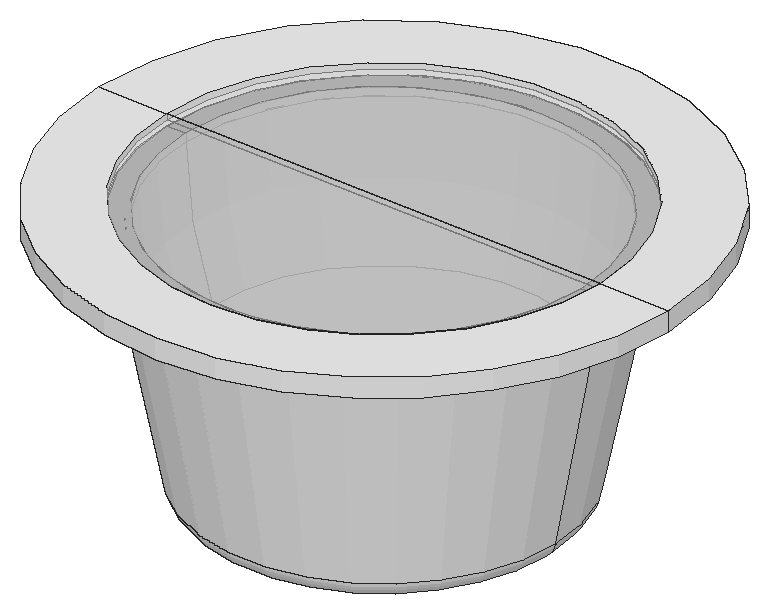
Revit family "2060578+2028034 Sylvania Lighting Fixture ASCENT 100 II ARCH 3700 4K DALI EMG 160 with IP44 Clear Glass", category Lighting Fixtures, host Face, Revit 2016
Family settings
  Host = Face
  Part Type = Normal
  Round Connector Dimension = Use Diameter
  OmniClass Number = 23.80.70.11.17
  OmniClass Title = Specialized Lighting by Location or Use
  Cut with Voids When Loaded = No
  Light Source = Yes
  Shared = No
  Room Calculation Point = No
Parameters (values of type "2060578+2028034 ASCT100 II ARCH 3700 4K DALI EMG 160 with IP44 Clear Glass")
  WidthBezelAcc_SYL = 25.0 mm
  Weight = "1.92 kg"
  Wattage = 32 W
  WarrantyStartDate [instance] = "n/a"
  WarrantyGuarantorParts = "n/a"
  WarrantyDurationUnit = "n/a"
  WarrantyDurationParts = "n/a"
  WarrantyDescription = "n/a"
  built-in parameter 1150110 = 1 (stored number, unit not read)
  Voltage = 0 V
  VisibilityAccessory_SYL = yes
  TypeName = "ASCENT 100 II ARCH 3700 4K DALI EMG 160"
  built-in parameter 1114217 = 1 (stored number, unit not read)
  Tilt Angle = -90°
  built-in parameter 1150109 = 1 (stored number, unit not read)
  built-in parameter 1150134 = 12
  built-in parameter 1150113 = 1 (stored number, unit not read)
  SerialNumber [instance] = "n/a"
  ReflectorRadius_SYL = Radius_SYL - 14.5 mm  # 80.0 mm
  RadiusAcc_SYL = 105.0 mm
  Radius_SYL = 94.5 mm
  URL = "http://www.sylvania-lighting.com"
  PowerFactor = 0
  PowerConsumption = "32 W"
  Photometric Web File = "2060578.ies"
  NominalWidth = 0.0 mm
  NominalLength = 0.0 mm
  NominalHeight = 94.0 mm
  Name = "ASCENT 100 II ARCH 3700 4K DALI EMG 160"
  ModelReference = "ASCENT 100 II ARCH 3700 4K DALI EMG 160"
  ModelNumber = "2060578+2028034"
  Material_4_SYL = none
  Material_3_SYL = Polycarbonate_Sylvania_Ascent_Clear
  Material_2_SYL = Aluminium_Sylvania_Ascent_Silver
  Material_1_SYL = Aluminum_Sylvania_Ascent_White
  Material = "aluminium housing, arcylic diffuser"
  ManufacturerName = "Feilo Sylvania"
  LuminousEfficacy = "118 lm/W"
  built-in parameter 1150105 = 300.48 (stored number, unit not read)
  Lumens = 3776 lm
  LuminaireType = ""
  built-in parameter 1150115 = 1 (stored number, unit not read)
  LightOutputRatio = "100"
  built-in parameter 1150137 = (empty or 0)
  built-in parameter 1150139 = (empty or 0)
  LampsType = Lamp  # "LED"
  LampNominalLuminous = "3766 lm"
  LampMacAdamStep = "3"
  LampColourTemperature = "4000 K"
  LampColourRenderingIndex = "80"
  built-in parameter 1150112 = 1 (stored number, unit not read)
  built-in parameter 1150114 = 1 (stored number, unit not read)
  Keynote = "16500"
  InstallationDate [instance] = "n/a"
  InputVoltage = "n/a"
  InputNominalFrequency = "n/a"
  built-in parameter 1150132 = (empty or 0)
  built-in parameter 1150102 = (empty or 0)
  built-in parameter 1150107 = 4000 (stored number, unit not read)
  built-in parameter 1150138 = (empty or 0)
  IngressProtection = "IP44"
  ImpactProtectionIndex = "IK02"
  built-in parameter 1150106 = 3.0048 (stored number, unit not read)
  IfcExportType = "IfcLightFixtureType"
  IfcExportAs = "IfcLightFixtureType"
  Height_SYL = 94.0 mm
  HeightAcc_SYL = 7.0 mm
  ExpectedLife = 50000
  EmittionSurface_SYL = if(VisibilityAccessory_SYL, 7.0 mm, 3.0 mm)  # 7.0 mm
  Emit from Circle Diameter = DiffuserRadius_SYL * 2  # 146.0 mm
  Emit Shape Visible in Rendering = no
  ElectricShockClassification = "Class II"
  built-in parameter 1150104 = 10.963 (stored number, unit not read)
  DurationUnit = "hours"
  DocumentationLiterature = "http://www.sylvania-lighting.com/product/en-int/products/2060578"
  DimmingControlOptions = "n/a"
  Dimming Lamp Color Temperature Shift = <None>
  DiffuserRadius_SYL = ReflectorRadius_SYL - 7.0 mm  # 73.0 mm
  Diameter_SYL = 2 * Radius_SYL  # 189.0 mm
  CutoutDiameter_SYL = Diameter_SYL - 13.0 mm  # 176.0 mm
  CreatedOn = "9/17/2018"
  CreatedBy = "@sylvania-lighting.com"
  Color Filter = 16777215
  built-in parameter 1114216 [instance] = 1 (stored number, unit not read)
  Model = "ASCENT 100 II ARCH 3700 4K DALI EMG 160"
  Manufacturer = "Feilo Sylvania"
  Lamp = "LED"
  Description = "Direct LED retro fit for original LED 100 Arch (160) single CFL lamp offering Matching lumen levels and improved light distribution of original LED 100 CFL lamp equivalents Typically half the power consumption compared to CFL Up to 112lm/W 160mm aperture Architectural reflector accepts range of glass accessories from existing LED 100 Arch 160 offering HE, HO and VHO versions equivalent of single 1 x 18W, 1 x 32W, 1 x 42W\r\n Additional VVHO versions which offer the performance circa 2 x 32W equivalent"  # constant formula
  Default Elevation = 0.0 mm
  built-in parameter 1140040 [instance] = 1
  BarCode [instance] = "n/a"
  built-in parameter 1114218 = 1 (stored number, unit not read)
  built-in parameter 1150133 = 10 (stored number, unit not read)
  AssetType = "Fixed"
  AssetIdentifier [instance] = "n/a"
  Assembly Code = "D5020200"
  Apparent Load = 32 VA
  Aperture_SYL = 2 * ReflectorRadius_SYL  # 160.0 mm
Types (2, lengths in mm): name | Wattage | TypeName | Photometric Web File | Name | ModelReference | built-in parameter 1150105 | Lumens | built-in parameter 1150106 | Model | Apparent Load
  2060578+2028034 ASCT100 II ARCH 3700 4K DALI EMG 160 with IP44 Clear Glass | 32 W | "ASCENT 100 II ARCH 3700 4K DALI EMG 160" | "2060578.ies" | "ASCENT 100 II ARCH 3700 4K DALI EMG 160" | "ASCENT 100 II ARCH 3700 4K DALI EMG 160" | 300.48 (stored number, unit not read) | 3776 lm | 3.0048 (stored number, unit not read) | "ASCENT 100 II ARCH 3700 4K DALI EMG 160" | 32 VA
  2060578+2028034 ASCT100 II ARCH 3700 4K DALI EMG 160 with IP44 Clear Glass Emergency mode | 1.61017 W | "ASCT100 II ARCH 3700 4K DALI EMG 160 with IP44 Clear Glass Emergency mode" | "2060578EM.ies" | "ASCT100 II ARCH 3700 4K DALI EMG 160 with IP44 Clear Glass Emergency mode" | "ASCT100 II ARCH 3700 4K DALI EMG 160 with IP44 Clear Glass Emergency mode" | 15.12 (stored number, unit not read) | 190 lm | 0.1512 (stored number, unit not read) | "ASCT100 II ARCH 3700 4K DALI EMG 160 with IP44 Clear Glass Emergency mode" | 1.61017 VA
Reference planes
  plane 1 "Center (Front/Back)": y = 0
  plane 2: z = 0
  plane 3 "Center (Left/Right)": x = 0
  plane 4 "Fixture Bottom": z = 3
  plane 5: z = -52.5
  plane 6 "Fixture Top": z = -91
  plane 7: x = -105
  plane 8: z = 7
  plane 9: x = -80
  plane 10: z = 5
  plane 11: x = -103
Forms (mm)
  Extrusion 1, solid, material "Aluminum_Sylvania_Ascent_White", detail levels fine
    sketch origin (0, 0, 0) x (1, 0, 0) y (0, 1, 0)
      loop
        circle (0, 0) r 94.5
      loop
        circle (0, 0) r 80
    from 0 to 3
  Extrusion 2, void
    sketch origin (0, 0, 0) x (1, 0, 0) y (0, 1, 0)
      loop
        circle (0, 0) r 88
    from -91 to 3
  Revolve 3, solid, material "Aluminum_Sylvania_Ascent_White" <- "Material_1_SYL", detail levels fine
    sketch origin (0, 0, 0) x (1, 0, 0) y (0, 0, 1)
      loop
        line (0, -91.073) -> (0, -89.023) -> (-55.468, -89.014)
        arc (-55.468, -89.014) -> (-59.352, -87.613) -> (-61.54, -84.139) r 6.307
        line (-61.54, -84.139) -> (-77.991, -2.844) -> (-77.991, 0) -> (-80, 0) -> (-80, -3) -> (-63.5, -84.536)
        arc (-63.5, -84.536) -> (-60.643, -89.203) -> (-55.5, -91.073) r 8.291
        line (-55.5, -91.073) -> (0, -91.073)
      axis (0, 0) -> (0, -91.073)
    angle from 0 to 360
  Revolve 4, solid, material "Aluminium_Sylvania_Ascent_Silver" <- "Material_2_SYL", detail levels fine
    sketch origin (0, 0, 0) x (1, 0, 0) y (0, 0, 1)
      loop
        line (-80, 3) -> (-80, 0) -> (-75, 0)
        arc (-75, 0) -> (-72.349, -26.77) -> (-64.5, -52.5) r 136.5
        line (-64.5, -52.5) -> (-58, -52.5)
        arc (-58, -52.5) -> (-56.857, -61.521) -> (-53.5, -69.971) r 36.166
        line (-53.5, -69.971) -> (0, -69.971) -> (0, -50.5) -> (-63.16, -50.5)
        arc (-63.16, -50.5) -> (-70.517, -25.725) -> (-73, 0) r 134.5
        line (-73, 0) -> (-73, 3) -> (-80, 3)
      axis (0, 3) -> (0, -69.971)
    angle from 0 to 360
  Extrusion 5, solid, material "Polycarbonate_Sylvania_Ascent_Clear" <- "Material_3_SYL", detail levels fine
    sketch origin (0, 0, 0) x (1, 0, 0) y (0, 1, 0)
      loop
        circle (0, 0) r 73
    from 0 to 3
  Revolve 6, solid, material "Aluminum_Sylvania_Ascent_White" <- "Material_1_SYL", detail levels coarse+medium
    sketch origin (0, 0, 0) x (1, 0, 0) y (0, 0, 1)
      loop
        line (0, -91.073) -> (0, 3) -> (-94.5, 3) -> (-94.5, 0) -> (-79.5, 0) -> (-79.5, -3) -> (-63, -84.536)
        arc (-63, -84.536) -> (-60.143, -89.203) -> (-55, -91.073) r 8.291
        line (-55, -91.073) -> (0, -91.073)
      axis (0, 3) -> (0, -91.073)
    angle from 0 to 360
  Revolve 7, solid, material "Aluminum_Sylvania_Ascent_White" <- "Material_1_SYL", visible <- "VisibilityAccessory_SYL"
    sketch origin (0, 0, 0) x (1, 0, 0) y (0, 0, 1)
      loop
        line (-105, 0) -> (-103, 0) -> (-103, 5) -> (-80, 5) -> (-80, 7) -> (-105, 7) -> (-105, 0)
      axis (0, 7) -> (0, 0)
    angle from 0 to 360
  Revolve 8, solid, material "Polycarbonate_Sylvania_Ascent_Clear" <- "Material_3_SYL", visible <- "VisibilityAccessory_SYL"
    sketch origin (0, 0, 0) x (1, 0, 0) y (0, 0, 1)
      loop
        line (-80, 7) -> (-80, 5) -> (0, 5) -> (0, 7) -> (-80, 7)
      axis (0, 7) -> (0, 5)
    angle from 0 to 360
Lines and regions (mm)
  reference lines
    curve 1: line (-150, 0, 7) -> (125, 0, 7)
Dimensions and locks
  locked: plane 4 "Fixture Bottom" to plane 2 at 3
  "Height_SYL": plane 4 "Fixture Bottom" to plane 6 "Fixture Top"
  "ReflectorRadius_SYL": plane 3 "Center (Left/Right)" to Revolve 4 sketch curve
  locked: Revolve 4 sketch curve to Revolve 4 sketch curve at 15.5
  locked: Revolve 4 sketch curve to Revolve 4 sketch curve at 5
  locked: Revolve 4 sketch curve to Revolve 4 sketch curve at 7
  locked: Revolve 4 sketch curve to Revolve 4 sketch curve at 22
  locked: Revolve 4 sketch curve to Revolve 4 sketch curve at 26.5
  locked: Revolve 3 sketch curve to Revolve 3 sketch curve at 16.5
  locked: Revolve 3 sketch curve to Revolve 3 sketch curve at 24.5
  "ReflectorRadius_SYL": Revolve 3 sketch curve to plane 3 "Center (Left/Right)"
  locked: Revolve 3 sketch curve to plane 6 "Fixture Top" at 6.464
  locked: plane 2 to Revolve 3 sketch curve at 3
  locked: Revolve 3 sketch curve to Revolve 3 sketch curve at 2
  locked: Revolve 3 sketch curve to Revolve 3 sketch curve at 2.009
  locked: plane 2 to plane 5 at 52.5
  locked: Revolve 6 sketch curve to Revolve 6 sketch curve at 31.5
  locked: Revolve 6 sketch curve to Revolve 6 sketch curve at 39.5
  locked: Revolve 6 sketch curve to Revolve 6 sketch curve at 15
  "Radius_SYL": plane 3 "Center (Left/Right)" to Revolve 6 sketch curve
  "RadiusAcc_SYL": plane 3 "Center (Left/Right)" to plane 7
  "HeightAcc_SYL": plane 8 to level
  "WidthBezelAcc_SYL": plane 7 to plane 9
  locked: plane 7 to plane 11 at 2
  locked: plane 8 to plane 10 at 2
  "EmittionSurface_SYL": curve 1 to level
  "CutoutDiameter_SYL": diameter of Extrusion 2 sketch curve
  "ReflectorRadius_SYL": radius of Extrusion 1 sketch curve
  "DiffuserRadius_SYL": radius of Extrusion 5 sketch curve
  "Radius_SYL": radius of Extrusion 1 sketch curve
  aligned and locked: host face to plane 2
  aligned and locked: host face to level
  aligned and locked: plane 4 "Fixture Bottom" to Extrusion 1
  aligned and locked: Extrusion 1 to plane 2
  aligned and locked: Revolve 3 sketch curve to plane 3 "Center (Left/Right)"
  aligned and locked: Revolve 4 sketch curve to plane 3 "Center (Left/Right)"  (x2)
  aligned and locked: plane 4 "Fixture Bottom" to Revolve 4 sketch curve
  aligned and locked: Extrusion 5 to plane 2
  aligned and locked: plane 2 to Revolve 3 sketch curve  (x2)
  aligned and locked: Revolve 6 sketch curve to plane 3 "Center (Left/Right)"
  aligned and locked: plane 6 "Fixture Top" to Extrusion 2
  aligned and locked: Revolve 7 sketch curve to plane 3 "Center (Left/Right)"
  aligned and locked: host face to Revolve 7 sketch curve  (x2)
  aligned and locked: Revolve 7 sketch curve to plane 7
  aligned and locked: plane 8 to Revolve 7 sketch curve
  aligned and locked: plane 9 to Revolve 7 sketch curve
  aligned and locked: Revolve 7 sketch curve to plane 10
  aligned and locked: plane 11 to Revolve 7 sketch curve
  aligned and locked: Revolve 7 to Revolve 8 sketch curve
  aligned and locked: Revolve 8 sketch curve to Revolve 7  (x2)
  aligned and locked: Revolve 8 sketch curve to plane 3 "Center (Left/Right)"  (x2)
  aligned and locked: plane 3 "Center (Left/Right)" to imposter light
  aligned and locked: imposter light to plane 1 "Center (Front/Back)"
  aligned and locked: imposter light to curve 1
Automatic sketch dimensions
  plane 1 "Center (Front/Back)" to Extrusion 2 sketch curve = 0.0 mm
  Extrusion 2 sketch curve to plane 3 "Center (Left/Right)" = 0.0 mm
  Extrusion 1 sketch curve to Extrusion 1 sketch curve = 0.0 mm  (x2)
  plane 1 "Center (Front/Back)" to Extrusion 1 sketch curve = 0.0 mm
  Extrusion 1 sketch curve to plane 3 "Center (Left/Right)" = 0.0 mm
  plane 6 "Fixture Top" to Revolve 3 sketch curve = 0.073 mm
  Revolve 3 sketch curve to plane 6 "Fixture Top" = 6.861 mm
  Revolve 3 sketch curve to Revolve 3 sketch curve = 0.003 mm
  Revolve 3 sketch curve to Revolve 3 sketch curve = 0.009 mm  (x2)
  Revolve 3 sketch curve to Revolve 3 sketch curve = 0.023 mm
  Revolve 3 sketch curve to Revolve 3 sketch curve = 0.072 mm
  Revolve 3 sketch curve to Revolve 3 sketch curve = 0.008 mm
  Revolve 3 sketch curve to plane 6 "Fixture Top" = 1.977 mm
  Revolve 3 sketch curve to Revolve 3 sketch curve = 33.496 mm
  Revolve 3 sketch curve to Revolve 3 sketch curve = 0.028 mm
  plane 4 "Fixture Bottom" to Revolve 3 sketch curve = 82.431 mm
  Revolve 4 sketch curve to Revolve 4 sketch curve = 0.0 mm  (x2)
  Revolve 4 sketch curve to plane 5 = 0.0 mm
  Revolve 4 sketch curve to level = 0.0 mm
  plane 5 to Revolve 4 sketch curve = 2.0 mm
  plane 4 "Fixture Bottom" to Revolve 4 sketch curve = 9.642 mm
  plane 1 "Center (Front/Back)" to Extrusion 5 sketch curve = 0.0 mm
  Extrusion 5 sketch curve to plane 3 "Center (Left/Right)" = 0.0 mm
  Revolve 4 sketch curve to level = 69.971 mm
  Revolve 4 sketch curve to Revolve 4 sketch curve = 2.387 mm
  Revolve 6 sketch curve to level = 0.0 mm
  Revolve 6 sketch curve to plane 3 "Center (Left/Right)" = 0.0 mm
  Revolve 6 sketch curve to Revolve 6 sketch curve = 8.104 mm
  Revolve 6 sketch curve to level = 3.0 mm
  Revolve 6 sketch curve to plane 6 "Fixture Top" = 6.464 mm
  plane 6 "Fixture Top" to Revolve 6 sketch curve = 0.073 mm
  Revolve 6 sketch curve to Revolve 6 sketch curve = 33.496 mm
  plane 4 "Fixture Bottom" to Revolve 6 sketch curve = 82.431 mm
  host sketch curve to host sketch curve = 1704.996 mm
  host sketch curve to host sketch curve = 1500.0 mm
  plane 6 "Fixture Top" to Revolve 7 sketch curve = 281.274 mm
  Revolve 7 sketch curve to plane 8 = 1140.706 mm
  plane 6 "Fixture Top" to Revolve 8 sketch curve = 281.274 mm
  Revolve 8 sketch curve to Revolve 8 sketch curve = 1140.706 mm
  Revolve 3 sketch curve to plane 3 "Center (Left/Right)" = 0.0 mm
  Revolve 6 sketch curve to plane 4 "Fixture Bottom" = 0.0 mm
  plane 7 to curve 1 = 45.0 mm
  plane 3 "Center (Left/Right)" to curve 1 = 125.0 mm
Connectors
  electrical at (0, 0, -91.073), driven by "Apparent Load"
    settings: on Revolve 3, index 1, voltage 240 V, apparent load 0 VA, apparent load phase1 32 VA, apparent load phase2 0 VA, apparent load phase3 0 VA, power factor 1, load classification "Lighting", number of poles 1, system type 31, power factor state 1, is connector primary yes, connector utility no, sub classification motor no, connector description ""
